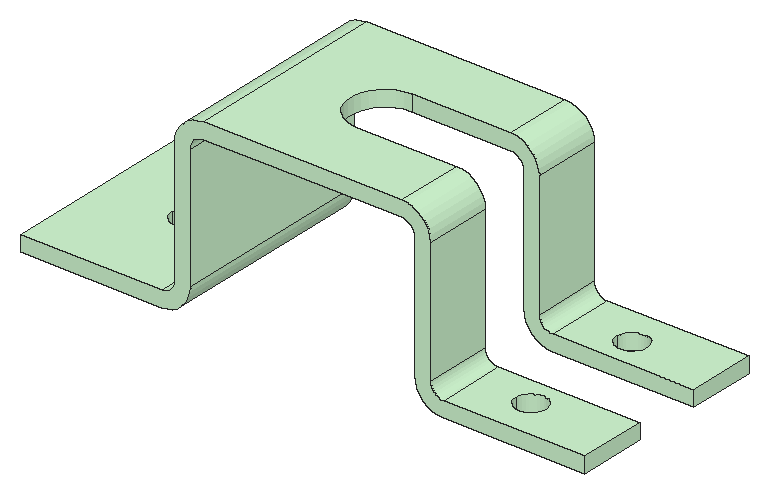
Revit family "LGフック補強金具", category 機械設備, Revit 2020
Family settings
  丸型コネクタ寸法 = 直径を使用
  種別 = なし
  パーツ タイプ = 標準
  作業面ベース = いいえ
  常に垂直 = はい
  ロード時にボイドで切り取り = いいえ
  共有 = いいえ
  部屋計算ポイント = いいえ
Parameters
  製造元 = "株式会社桐井製作所"
  既定の高さ = 0 mm
  URL = "https://www.kirii.co.jp/"
  K_許容荷重(引張)(N) = 2400
  K_許容荷重(せん断)(N） = 1200
  K_品名 = "LGフック補強金具"
  K_名称 = "吊元金具"
  K_入数 = "300"
  K_バージョン情報 = "20211012"
Reference planes
  plane 1 "中心(正面/背面)": y = 0
  plane 2: z = 0
  plane 3 "中心(左/右)": x = 0
Forms (mm)
  Extrusion 1, solid
    sketch origin (0, 0, 0) x (1, 0, 0) y (0, 0, 1)
      loop
        line (-16.5, 4.2) -> (-16.5, 22.4)
        arc (-16.5, 22.4) -> (-15.944, 23.744) -> (-14.6, 24.3) r 1.9
        line (-14.6, 24.3) -> (-4.98, 24.3) -> (14.6, 24.3)
        arc (14.6, 24.3) -> (15.944, 23.744) -> (16.5, 22.4) r 1.9
        line (16.5, 22.4) -> (16.5, 4.2)
        arc (16.5, 4.2) -> (17.73, 1.23) -> (20.7, 0) r 4.2
        line (20.7, 0) -> (41.5, 0) -> (41.5, 2.3) -> (20.7, 2.3)
        arc (20.7, 2.3) -> (19.356, 2.856) -> (18.8, 4.2) r 1.9
        line (18.8, 4.2) -> (18.8, 22.4)
        arc (18.8, 22.4) -> (17.57, 25.37) -> (14.6, 26.6) r 4.2
        line (14.6, 26.6) -> (-14.6, 26.6)
        arc (-14.6, 26.6) -> (-17.57, 25.37) -> (-18.8, 22.4) r 4.2
        line (-18.8, 22.4) -> (-18.8, 4.2)
        arc (-18.8, 4.2) -> (-19.356, 2.856) -> (-20.7, 2.3) r 1.9
        line (-20.7, 2.3) -> (-41.5, 2.3) -> (-41.5, 0) -> (-20.7, 0)
        arc (-20.7, 0) -> (-17.73, 1.23) -> (-16.5, 4.2) r 4.2
    from -15 to 15
  Sweep 2, void
    path in 3D
      loop
        line (41.5, -15, 2.3) -> (20.7, -15, 2.3)
        arc (20.7, -15, 2.3) -> (19.356, -15, 2.856) -> (18.8, -15, 4.2) r 1.9
        line (18.8, -15, 4.2) -> (18.8, -15, 22.4)
        arc (18.8, -15, 22.4) -> (17.57, -15, 25.37) -> (14.6, -15, 26.6) r 4.2
        line (14.6, -15, 26.6) -> (0, -15, 26.6)
    profile origin (31.1, -15, 2.3) x (0, -1, 0) y (0, 0, 1)
      loop
        line (-10, 0) -> (-20, 0) -> (-20, -2.3) -> (-10, -2.3) -> (-10, 0)
  Extrusion 3, void
    sketch origin (0, 0, 0) x (1, 0, 0) y (0, 1, 0)
      loop
        arc (0, 5) -> (-5, 0) -> (0, -5) r 5
        line (0, -5) -> (0, 5)
    from 24.25 to 26.6
  Extrusion 4, void
    sketch origin (0, 0, 0) x (1, 0, 0) y (0, 1, 0)
      loop
        circle (-29, 0) r 2.25
      loop
        circle (29, 9.25) r 2.25
      loop
        circle (29, -9.25) r 2.25
    from 0 to 2.3
Cuts and joins
  Sweep 2, Extrusion 3, Extrusion 4 cuts Extrusion 1
Lines and regions (mm)
  sketch lines
    curve 1: line (41.5, -15, 2.3) -> (20.7, -15, 2.3)
    curve 2: arc (18.8, -15, 4.2) -> (19.356, -15, 2.856) -> (20.7, -15, 2.3) r 1.9
    curve 3: line (18.8, -15, 4.2) -> (18.8, -15, 22.4)
    curve 4: arc (14.6, -15, 26.6) -> (17.57, -15, 25.37) -> (18.8, -15, 22.4) r 4.2
    curve 5: line (14.6, -15, 26.6) -> (0, -15, 26.6)
Dimensions and locks
  aligned and locked: level to plane 2
